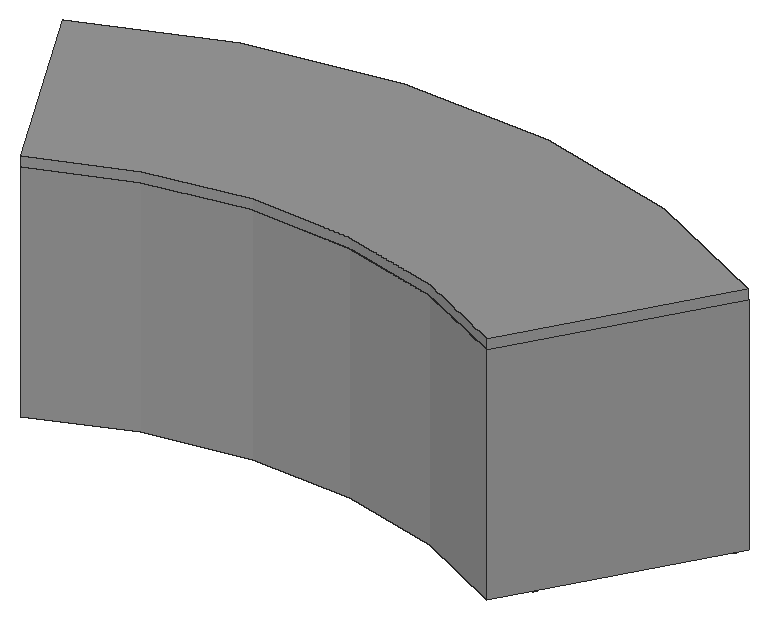
Revit family "Cocoon Low", category Generic Models, Revit 2018
Family settings
  Can host rebar = No
  Round Connector Dimension = Use Diameter
  Part Type = Normal
  Work Plane-Based = No
  Always vertical = Yes
  Cut with Voids When Loaded = No
  Shared = No
  Room Calculation Point = No
Parameters
  Surface = Cocoon Low Surface
  Frame = Cocoon Low Frame
Reference planes (in)
  plane 1 "Center (Front/Back)": y = 0
  plane 2: z = 0
  plane 3 "Center (Left/Right)": x = 0
Forms (in)
  Extrusion 1, solid, material "Cocoon Low Frame" <- "Frame"
    sketch origin (0, 0, 0) x (1, 0, 0) y (0, 1, 0)
      loop
        line (-42.96563, 12.87762) -> (-44.13915, 12.21022) -> (-30.03655, -12.21022)
        arc (-30.03655, -12.21022) -> (0, -4.17879) -> (30.03655, -12.21022) r 60.18222
        line (30.03655, -12.21022) -> (44.13915, 12.21022) -> (42.96563, 12.87762) -> (30.91173, -7.99523)
        arc (30.91173, -7.99523) -> (22.08447, -3.99044) -> (12.75562, -1.35766) r 64.31924
        line (12.75562, -1.35766) -> (14.2821, 6.53682) -> (13.05484, 6.77413) -> (11.5281, -1.12168)
        arc (11.5281, -1.12168) -> (-0.00013, -0.08015) -> (-11.52835, -1.12173) r 64.31924
        line (-11.52835, -1.12173) -> (-13.05509, 6.77413) -> (-14.28236, 6.53682) -> (-12.75587, -1.35772)
        arc (-12.75587, -1.35772) -> (-22.08459, -3.99048) -> (-30.91173, -7.99523) r 64.31924
        line (-30.91173, -7.99523) -> (-42.96563, 12.87762)
    from 0.25 to 28.99999
  Extrusion 2, solid, material "Cocoon Low Surface" <- "Surface"
    sketch origin (0, 0, 0) x (1, 0, 0) y (0, 1, 0)
      loop
        line (-44.13876, 12.20954) -> (-30.03655, -12.21022)
        arc (-30.03655, -12.21022) -> (0, -4.17879) -> (30.03655, -12.21022) r 60.18222
        line (30.03655, -12.21022) -> (44.13876, 12.20954)
        arc (44.13876, 12.20954) -> (0, 24.02042) -> (-44.13876, 12.20954) r 88.38144
    from 28.99999 to 30.24999
  Revolve 3, solid, material "Cocoon Gliders"
    sketch origin (13.7231, -9.10616, 0) x (1, 0, 0) y (0, 0, 1)
      loop
        line (-42.84178, 0.25) -> (-42.84178, 0) -> (-42.30491, 0)
        arc (-42.30491, 0) -> (-42.28722, 0.00985) -> (-42.29378, 0.029) r 0.01578
        line (-42.29378, 0.029) -> (-42.55622, 0.188) -> (-42.71738, 0.188) -> (-42.71738, 0.25) -> (-42.84178, 0.25)
      axis (-42.84178, 0) -> (-42.84178, 0.25)
    angle from 0 to 360
  Revolve 4, solid, material "Cocoon Gliders"
    sketch origin (10.76475, -7.22536, 0) x (1, 0, 0) y (0, 0, 1)
      loop
        line (-42.84178, 0.25) -> (-42.84178, 0) -> (-42.30491, 0)
        arc (-42.30491, 0) -> (-42.28722, 0.00985) -> (-42.29378, 0.029) r 0.01578
        line (-42.29378, 0.029) -> (-42.55622, 0.188) -> (-42.71738, 0.188) -> (-42.71738, 0.25) -> (-42.84178, 0.25)
      axis (-42.84178, 0) -> (-42.84178, 0.25)
    angle from 0 to 360
  Revolve 5, solid, material "Cocoon Gliders"
    sketch origin (0.00012, 11.39589, 0) x (1, 0, 0) y (0, 0, 1)
      loop
        line (-42.84178, 0.25) -> (-42.84178, 0) -> (-42.30491, 0)
        arc (-42.30491, 0) -> (-42.28722, 0.00985) -> (-42.29378, 0.029) r 0.01578
        line (-42.29378, 0.029) -> (-42.55622, 0.188) -> (-42.71738, 0.188) -> (-42.71738, 0.25) -> (-42.84178, 0.25)
      axis (-42.84178, 0) -> (-42.84178, 0.25)
    angle from 0 to 360
  Revolve 6, solid, material "Cocoon Gliders"
    sketch origin (29.42699, 5.43077, 0) x (1, 0, 0) y (0, 0, 1)
      loop
        line (-42.84178, 0.25) -> (-42.84178, 0) -> (-42.30491, 0)
        arc (-42.30491, 0) -> (-42.28722, 0.00985) -> (-42.29378, 0.029) r 0.01578
        line (-42.29378, 0.029) -> (-42.55622, 0.188) -> (-42.71738, 0.188) -> (-42.71738, 0.25) -> (-42.84178, 0.25)
      axis (-42.84178, 0) -> (-42.84178, 0.25)
    angle from 0 to 360
  Revolve 7, solid, material "Cocoon Gliders"
    sketch origin (42.84178, -2.09846, 0) x (1, 0, 0) y (0, 0, 1)
      loop
        line (-42.84178, 0.25) -> (-42.84178, 0) -> (-42.30491, 0)
        arc (-42.30491, 0) -> (-42.28722, 0.00985) -> (-42.29378, 0.029) r 0.01578
        line (-42.29378, 0.029) -> (-42.55622, 0.188) -> (-42.71738, 0.188) -> (-42.71738, 0.25) -> (-42.84178, 0.25)
      axis (-42.84178, 0) -> (-42.84178, 0.25)
    angle from 0 to 360
  Revolve 8, solid, material "Cocoon Gliders"
    sketch origin (-13.7231, -9.10616, 0) x (-1, 0, 0) y (0, 0, -1)
      loop
        line (-42.84178, -0.25) -> (-42.71738, -0.25) -> (-42.71738, -0.188) -> (-42.55622, -0.188) -> (-42.29378, -0.029)
        arc (-42.29378, -0.029) -> (-42.28722, -0.00985) -> (-42.30491, 0) r 0.01578
        line (-42.30491, 0) -> (-42.84178, 0) -> (-42.84178, -0.25)
      axis (-42.84178, 0) -> (-42.84178, -0.25)
    angle from 0 to 360
  Revolve 9, solid, material "Cocoon Gliders"
    sketch origin (-10.76475, -7.22536, 0) x (-1, 0, 0) y (0, 0, -1)
      loop
        line (-42.84178, -0.25) -> (-42.71738, -0.25) -> (-42.71738, -0.188) -> (-42.55622, -0.188) -> (-42.29378, -0.029)
        arc (-42.29378, -0.029) -> (-42.28722, -0.00985) -> (-42.30491, 0) r 0.01578
        line (-42.30491, 0) -> (-42.84178, 0) -> (-42.84178, -0.25)
      axis (-42.84178, 0) -> (-42.84178, -0.25)
    angle from 0 to 360
  Revolve 10, solid, material "Cocoon Gliders"
    sketch origin (-0.00012, 11.39589, 0) x (-1, 0, 0) y (0, 0, -1)
      loop
        line (-42.84178, -0.25) -> (-42.71738, -0.25) -> (-42.71738, -0.188) -> (-42.55622, -0.188) -> (-42.29378, -0.029)
        arc (-42.29378, -0.029) -> (-42.28722, -0.00985) -> (-42.30491, 0) r 0.01578
        line (-42.30491, 0) -> (-42.84178, 0) -> (-42.84178, -0.25)
      axis (-42.84178, 0) -> (-42.84178, -0.25)
    angle from 0 to 360
  Revolve 11, solid, material "Cocoon Gliders"
    sketch origin (-29.42699, 5.43077, 0) x (-1, 0, 0) y (0, 0, -1)
      loop
        line (-42.84178, -0.25) -> (-42.71738, -0.25) -> (-42.71738, -0.188) -> (-42.55622, -0.188) -> (-42.29378, -0.029)
        arc (-42.29378, -0.029) -> (-42.28722, -0.00985) -> (-42.30491, 0) r 0.01578
        line (-42.30491, 0) -> (-42.84178, 0) -> (-42.84178, -0.25)
      axis (-42.84178, 0) -> (-42.84178, -0.25)
    angle from 0 to 360
Dimensions and locks (in)
  aligned and locked: plane 2 to level
